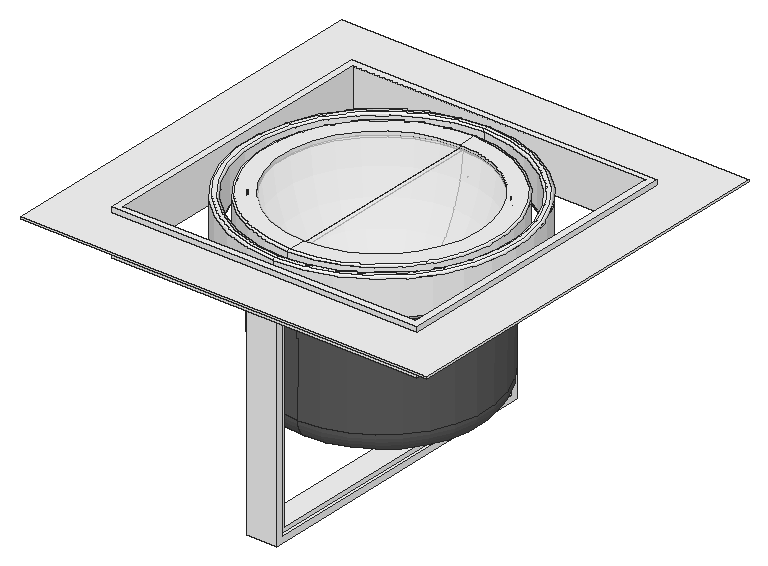
Revit family "Zaniboni-Diva-5_Inch_Aperture_40°-1", category Lighting Fixtures, host Face, Revit 2016
Family settings
  Host = Face
  Part Type = Normal
  Round Connector Dimension = Use Diameter
  Cut with Voids When Loaded = No
  Light Source = No
  Shared = No
  Room Calculation Point = No
Parameters (values of type "D4-D5TSN-0927A-2C-WS")
  Width = 5.91"
  Wattage Comments = "14W"
  Voltage = 120 V
  URL = "www.zanibonilighting.com"
  Type Comments = "Diva"  # constant formula
  Support Finish = ZBN - Metal Matte White
  Screen Finish = ZBN - Glass
  ST = RT  # no
  SD = RD  # no
  RT = no
  RD = no
  Model = "D4-D5TSN-0927A-2C-WS"
  Mechanism Finish = ZBN - Plastic-Black
  Manufacturer = "Zaniboni"  # constant formula
  Length = 6"
  Keynote = "12500"
  Kelvin = "3000°K"
  Frame Finish = ZBN - Metal Matte White
  Diffuser Finish = ZBN - Metal Matte White
  Description = "5 inch 1 Light Sources Adjustable 40°"
  Default Elevation = 1"
  CRI = "80"
  Body Finish = ZBN - Metal Matte White
  Beam = "36°"
  Base Finish = ZBN - Metal Matte White
  Assembly Code = "E1020300"
Types (3): name | ST | SD | RT | RD | Model | Length | Description
  (no name) | no | no | no | no | "D4-D5TSN-0927A-2C-WS" | 6" | "5 inch 1 Light Sources Adjustable 40°"
  D4-D5TSN-0927A-2C-WS | no | no | no | no | "D4-D5TSN-0927A-2C-WS" | 6" | "5 inch 1 Light Sources Adjustable 40°"
  D4-D5TTN2727A-2C-WS | yes | yes | yes | yes | "D4-D5TTN2727A-2C-WS" | 17.72" | "5 inch 3 Light Sources Adjustable 40°"
Reference planes (in)
  plane 1 "Center (Front/Back)": y = 0
  plane 2: z = 0
  plane 3 "Center (Left/Right)": x = 0
  plane 4: x = 6
  plane 5: y = -5.91
  plane 6: x = 3
  plane 7: y = -2.955
Forms (in)
  Extrusion 1, void
    sketch origin (3.54686, -2.04724, 0) x (1, 0, 0) y (0, 1, 0)
      loop
        line (-3.54686, 2.04724) -> (-3.54686, -3.86276) -> (2.45314, -3.86276) -> (2.45314, 2.04724) -> (-3.54686, 2.04724)
    from -4.84095 to 0.5
  Extrusion 2, solid, material "ZBN - Metal Matte White" <- "Body Finish"
    sketch origin (2.99382, -1.49606, 0) x (1, 0, 0) y (0, 1, 0)
      loop
        line (-2.99382, 1.49606) -> (-2.99382, -4.41394) -> (3.00618, -4.41394) -> (3.00618, 1.49606) -> (-2.99382, 1.49606)
      loop
        line (2.88118, -4.28894) -> (2.88118, 1.37106) -> (-2.86882, 1.37106) -> (-2.86882, -4.28894) -> (2.88118, -4.28894)
    from -0.90001 to 0
  Extrusion 3, solid, material "ZBN - Metal Matte White" <- "Support Finish"
    sketch origin (0, 0, -0.86332) x (1, 0, 0) y (0, 1, 0)
      loop
        line (0, 0) -> (0, -5.91) -> (6, -5.91) -> (6, 0) -> (0, 0)
      loop
        line (-1, 1) -> (-1, -6.91) -> (7, -6.91) -> (7, 1) -> (-1, 1)
    from 0.74071 to 0.77271
Lines and regions (in)
  symbolic lines
    curve 1: line (0, 0, 0) -> (0, -5.91, 0)
    curve 2: line (6, 0, 0) -> (0, 0, 0)
    curve 3: line (6, -5.91, 0) -> (6, 0, 0)
    curve 4: line (0, -5.91, 0) -> (6, -5.91, 0)
    curve 5: line (0.125, -5.785, 0) -> (0.125, -0.125, 0)
    curve 6: line (0.125, -0.125, 0) -> (5.875, -0.125, 0)
    curve 7: line (5.875, -0.125, 0) -> (5.875, -5.785, 0)
    curve 8: line (5.875, -5.785, 0) -> (0.125, -5.785, 0)
  symbolic lines, style "LightingFixturesHiddenLines", detail levels fine
    curve 9: line (-1, 1, 0) -> (7, 1, 0)
    curve 10: line (-1, -6.91, 0) -> (-1, 1, 0)
    curve 11: line (7, -6.91, 0) -> (-1, -6.91, 0)
    curve 12: line (7, 1, 0) -> (7, -6.91, 0)
Dimensions and locks (in)
  locked: plane 3 "Center (Left/Right)" to Extrusion 2 sketch curve at 0.125
  locked: Extrusion 2 sketch curve to plane 4 at 0.125
  locked: Extrusion 2 sketch curve to plane 5 at 0.125
  locked: Extrusion 2 sketch curve to plane 1 "Center (Front/Back)" at 0.125
  "Length": plane 3 "Center (Left/Right)" to plane 4
  "Width": plane 5 to plane 1 "Center (Front/Back)"
  equal spacing: plane 3 "Center (Left/Right)", plane 6, plane 4
  equal spacing: plane 5, plane 7, plane 1 "Center (Front/Back)"
  locked: plane 1 "Center (Front/Back)" to Extrusion 3 sketch curve at 1
  locked: plane 5 to Extrusion 3 sketch curve at 1
  locked: Extrusion 3 sketch curve to plane 3 "Center (Left/Right)" at 1
  locked: plane 4 to Extrusion 3 sketch curve at 1
  aligned and locked: plane 2 to host face
  aligned and locked: level to host face
  aligned and locked: plane 3 "Center (Left/Right)" to Extrusion 2 sketch curve
  aligned and locked: plane 1 "Center (Front/Back)" to Extrusion 2 sketch curve
  aligned and locked: plane 4 to Extrusion 2 sketch curve
  aligned and locked: plane 5 to Extrusion 2 sketch curve
  aligned and locked: plane 3 "Center (Left/Right)" to Extrusion 1 sketch curve
  aligned and locked: Extrusion 1 sketch curve to plane 4
  aligned and locked: plane 1 "Center (Front/Back)" to Extrusion 1 sketch curve
  aligned and locked: plane 5 to Extrusion 1 sketch curve
  aligned and locked: plane 3 "Center (Left/Right)" to Extrusion 3 sketch curve
  aligned and locked: plane 1 "Center (Front/Back)" to Extrusion 3 sketch curve
  aligned and locked: plane 4 to Extrusion 3 sketch curve
  aligned and locked: plane 5 to Extrusion 3 sketch curve
  aligned and locked: curve 9 to Extrusion 3
  aligned and locked: curve 10 to Extrusion 3
  aligned and locked: curve 11 to Extrusion 3
  aligned and locked: curve 12 to Extrusion 3
  aligned and locked: plane 2 to nested 1
Automatic sketch dimensions
  host sketch curve to host sketch curve = 14.00264"
  host sketch curve to host sketch curve = 12.04577"
  plane 1 "Center (Front/Back)" to curve 2 = 0"
  curve 2 to plane 3 "Center (Left/Right)" = 0"
  curve 2 to plane 4 = 0"
  curve 3 to plane 5 = 0"
  plane 3 "Center (Left/Right)" to curve 5 = 1/8"
  plane 4 to curve 7 = 1/8"
  plane 5 to curve 5 = 1/8"
  plane 1 "Center (Front/Back)" to curve 6 = 1/8"
Nested families (in)
  nested 1: "Diva 5T" at (2.95, -2.955, -20.94919), Diffuser Finish <- "Diffuser Finish", Frame Finish <- "Frame Finish", Mechanism Finish <- "Mechanism Finish", Screen Finish <- "Screen Finish", Support Finish <- "Support Finish", Base Finish <- "Base Finish", type "Diva 5"
    with Voltage 0 V, Support Finish ZBN - Metal Matte White, Support yes, Screen Finish ZBN - Glass, Mechanism Finish ZBN - Plastic-Black, Light yes, Frame Finish ZBN - Metal Matte White, Diffuser Finish ZBN - Metal Matte White, Base Finish ZBN - Metal Matte White
  nested 2: "Diva 5T" at (8.85, -2.955, -20.94919) x (-1, 0, 0) z (0, 0, 1), Support <- "SD", Light <- "RD", Diffuser Finish <- "Diffuser Finish", Frame Finish <- "Frame Finish", Mechanism Finish <- "Mechanism Finish", Screen Finish <- "Screen Finish", Support Finish <- "Support Finish", type "Diva 5"
    with Voltage 0 V, Support Finish ZBN - Metal Matte White, Support no, Screen Finish ZBN - Glass, Mechanism Finish ZBN - Plastic-Black, Light no, Frame Finish ZBN - Metal Matte White, Diffuser Finish ZBN - Metal Matte White, Base Finish none
  nested 3: "Diva 5T" at (14.77, -2.955, -20.94919) x (-1, 0, 0) z (0, 0, 1), Support <- "ST", Light <- "RT", Diffuser Finish <- "Diffuser Finish", Frame Finish <- "Frame Finish", Mechanism Finish <- "Mechanism Finish", Screen Finish <- "Screen Finish", Support Finish <- "Support Finish", type "Diva 5"
    with Voltage 0 V, Support Finish ZBN - Metal Matte White, Support no, Screen Finish ZBN - Glass, Mechanism Finish ZBN - Plastic-Black, Light no, Frame Finish ZBN - Metal Matte White, Diffuser Finish ZBN - Metal Matte White, Base Finish none
  nested 4: "Diva 5T" at (2.95, -8.72, -20.94919), Diffuser Finish <- "Diffuser Finish", Frame Finish <- "Frame Finish", Mechanism Finish <- "Mechanism Finish", Screen Finish <- "Screen Finish", Support Finish <- "Support Finish", type "Diva 5"
    with Support Finish ZBN - Metal Matte White, Support no, Screen Finish ZBN - Glass, Mechanism Finish ZBN - Plastic-Black, Light no, Frame Finish ZBN - Metal Matte White, Diffuser Finish ZBN - Metal Matte White
  nested 5: "Diva 5T" at (8.85, -8.72, -20.94919) x (-1, 0, 0) z (0, 0, 1), Diffuser Finish <- "Diffuser Finish", Frame Finish <- "Frame Finish", Mechanism Finish <- "Mechanism Finish", Screen Finish <- "Screen Finish", Support Finish <- "Support Finish", type "Diva 5"
    with Support Finish ZBN - Metal Matte White, Support no, Screen Finish ZBN - Glass, Mechanism Finish ZBN - Plastic-Black, Light no, Frame Finish ZBN - Metal Matte White, Diffuser Finish ZBN - Metal Matte White
Definition of nested family "Diva 5T"
  Parameters (values of type "Diva 5T")
    Wattage = 9.2903 W
    built-in parameter 1150110 = 1 (stored number, unit not read)
    Voltage [instance] = 0 V
    built-in parameter 1114217 = 1 (stored number, unit not read)
    Tilt Angle = 90.00°
    built-in parameter 1150109 = 1 (stored number, unit not read)
    built-in parameter 1150134 = 3
    built-in parameter 1150113 = 1 (stored number, unit not read)
    Support Finish [instance] = none
    Support [instance] = yes
    Screen Finish [instance] = none
    Photometric Web File = "generic"
    built-in parameter 1150142 = (empty or 0)
    Mechanism Finish [instance] = none
    built-in parameter 1150105 = 109.82 (stored number, unit not read)
    Lumens = 1380 lm
    built-in parameter 1150115 = 1 (stored number, unit not read)
    built-in parameter 1150137 = (empty or 0)
    built-in parameter 1150139 = (empty or 0)
    Light [instance] = yes
    built-in parameter 1150112 = 1 (stored number, unit not read)
    built-in parameter 1150114 = 1 (stored number, unit not read)
    built-in parameter 1150132 = (empty or 0)
    built-in parameter 1150102 = (empty or 0)
    built-in parameter 1150107 = 3200 (stored number, unit not read)
    built-in parameter 1150138 = (empty or 0)
    built-in parameter 1150106 = 1.0982 (stored number, unit not read)
    Frame Finish [instance] = none
    Emit from Circle Diameter = 3"
    Emit Shape Visible in Rendering = no
    built-in parameter 1150104 = 13.8 (stored number, unit not read)
    Dimming Lamp Color Temperature Shift = (empty or 0)
    Diffuser Finish [instance] = none
    Color Filter = 16777215
    Base Finish [instance] = none
    built-in parameter 1114218 = 1 (stored number, unit not read)
    built-in parameter 1150133 = 10 (stored number, unit not read)
  Reference planes (in)
    plane 1 "Center (Front/Back)": y = 0
    plane 2: z = 0
    plane 3 "Center (Left/Right)": x = 0
    plane 4: z = 20.94919
  Forms (in)
    Revolve 1, solid, material <- "Support Finish", visible <- "Light"
      sketch origin (0, 0, 0) x (0, 1, 0) y (0, 0, 1)
        loop
          arc (2.65799, 20.91) -> (2.64655, 20.93762) -> (2.61892, 20.94906) r 0.03906
          line (2.61892, 20.94906) -> (2.53933, 20.94906)
          arc (2.53933, 20.94906) -> (2.51171, 20.93762) -> (2.50027, 20.91) r 0.03906
          line (2.50027, 20.91) -> (2.50027, 20.22416)
          arc (2.50027, 20.22416) -> (2.51171, 20.19653) -> (2.53933, 20.18509) r 0.03906
          line (2.53933, 20.18509) -> (2.6185, 20.18509)
          arc (2.6185, 20.18509) -> (2.64642, 20.19666) -> (2.65799, 20.22458) r 0.03949
          line (2.65799, 20.22458) -> (2.65799, 20.91)
        axis (0, 20.94906) -> (0, 20.18509)
      angle from 0 to 360
    Revolve 2, solid, material <- "Mechanism Finish", visible <- "Light"
      sketch origin (0, 0, 0) x (0, 1, 0) y (0, 0, 1)
        loop
          line (0, 17.40212) -> (0, 18.4848) -> (-2.02555, 18.4848) -> (-2.02555, 20.75522) -> (-2.10193, 20.75522) -> (-2.07135, 17.83504)
          arc (-2.07135, 17.83504) -> (-1.94161, 17.52865) -> (-1.63387, 17.40212) r 0.4375
          line (-1.63387, 17.40212) -> (0, 17.40212)
        axis (0, 20.75522) -> (0, 17.40212)
      angle from 0 to 360
    Revolve 3, solid, material <- "Frame Finish", visible <- "Light"
      sketch origin (0, 0, 0) x (0, 1, 0) y (0, 0, 1)
        loop
          arc (2.30355, 20.91719) -> (2.29418, 20.93982) -> (2.27155, 20.94919) r 0.032
          line (2.27155, 20.94919) -> (1.92843, 20.94919) -> (1.92843, 20.8862) -> (2.08786, 20.8862) -> (2.08786, 20.32546)
          arc (2.08786, 20.32546) -> (2.0957, 20.30653) -> (2.11464, 20.29868) r 0.02678
          line (2.11464, 20.29868) -> (2.16119, 20.29868) -> (2.16119, 20.19238) -> (2.30355, 20.19238) -> (2.30355, 20.91719)
        axis (0, 20.94919) -> (0, 20.19238)
      angle from 0 to 360
    Revolve 4, solid, material <- "Screen Finish", visible <- "Light"
      sketch origin (0, 0, -0.0433) x (0, 1, 0) y (0, 0, 1)
        loop
          line (0, 20.9295) -> (-2.0567, 20.9295) -> (-2.0567, 20.8547) -> (0, 20.8547) -> (0, 20.9295)
        axis (0, 20.9295) -> (0, 20.8547)
      angle from 0 to 360
    Extrusion 5, solid, material <- "Mechanism Finish", visible <- "Light"
      sketch origin (0, 0, 9.41205) x (1, 0, 0) y (0, 1, 0)
        loop
          circle (0, 0) r 0.5
      from 7.9277 to 7.9902
    Extrusion 6, solid, material <- "Support Finish", visible <- "Support"
      sketch origin (0, 4.11719, 0) x (1, 0, 0) y (0, 0, 1)
        loop
          line (-0.23622, 16.22635) -> (0.23622, 16.22635) -> (0.23622, 20.55046)
          arc (0.23622, 20.55046) -> (0, 20.78668) -> (-0.23622, 20.55046) r 0.23622
          line (-0.23622, 20.55046) -> (-0.23622, 16.22635)
      from 1.33176 to 1.4105
    Extrusion 7, solid, material <- "Support Finish", visible <- "Support"
      sketch origin (0, -0.07403, -1.64486) x (1, 0, 0) y (0, 0, 1)
        loop
          line (-0.23622, 17.87121) -> (0.23622, 17.87121) -> (0.23622, 17.94995) -> (-0.23622, 17.94995) -> (-0.23622, 17.87121)
      from -2.78072 to 2.63267
    Revolve 8, solid, material <- "Diffuser Finish", visible <- "Light"
      sketch origin (0, 0, 0) x (0, 1, 0) y (0, 0, 1)
        loop
          line (0, 18.72938) -> (-0.90533, 18.72938)
          arc (-0.90533, 18.72938) -> (-1.66991, 19.65423) -> (-1.98755, 20.8114) r 2.85866
          arc (-1.98755, 20.8114) -> (-1.7642, 19.64475) -> (-1.04666, 18.69813) r 2.6082
          line (-1.04666, 18.69813) -> (0, 18.69813) -> (0, 18.72938)
        axis (0, 20.8114) -> (0, 18.69813)
      angle from 0 to 360
    Extrusion 9, solid, material <- "Support Finish", visible <- "Light"
      sketch origin (-1.01395, 0, 0.15056) x (0, 1, 0) y (0, 0, 1)
        loop
          circle (0, 20.41702) r 0.17715
      from -1.49694 to -1.282
    Extrusion 10, solid, material <- "Support Finish", visible <- "Light"
      sketch origin (0, 0, 0) x (1, 0, 0) y (0, 0, -1)
        loop
          circle (0, -20.56596) r 0.15907
      from 2.62795 to 2.70669
    Extrusion 11, solid, material <- "Support Finish", visible <- "Support"
      sketch origin (0, -4.11719, 0) x (1, 0, 0) y (0, 0, -1)
        loop
          arc (-0.23622, -20.55046) -> (0, -20.78668) -> (0.23622, -20.55046) r 0.23622
          line (0.23622, -20.55046) -> (0.23622, -16.22635) -> (-0.23622, -16.22635) -> (-0.23622, -20.55046)
      from 1.33176 to 1.4105
    Extrusion 12, solid, material <- "Support Finish", visible <- "Light"
      sketch origin (0, 0, 0) x (1, 0, 0) y (0, 0, 1)
        loop
          circle (0, 20.56596) r 0.15907
      from 2.62795 to 2.70669
    Extrusion 13, solid, material <- "Support Finish", visible <- "Light"
      sketch origin (1.01395, 0, 0.15056) x (0, 1, 0) y (0, 0, -1)
        loop
          circle (0, -20.41702) r 0.17715
      from -1.49694 to -1.282
    Extrusion 14, solid, material <- "Base Finish", visible <- "Support"
      sketch origin (0, 0, 0) x (0, 1, 0) y (0, 0, 1)
        loop
          line (2.95276, 20.04918) -> (2.83465, 20.04918) -> (2.83465, 16.22635) -> (-2.83465, 16.22635) -> (-2.83465, 20.04918) -> (-2.95276, 20.04918) -> (-2.95276, 16.10824) -> (2.95276, 16.10824) -> (2.95276, 20.04918)
      from -0.29528 to 0.29528
  Cuts and joins
    joined: Extrusion 6, Extrusion 7, Extrusion 11
  Lines and regions (in)
    symbolic lines, visible <- "Light", detail levels fine
      curve 1: circle (0, 0, 0) r 1.92843 normal (0, 0, 1)
      curve 2: circle (0, 0, 0) r 2.30355 normal (0, 0, 1)
      curve 3: circle (0, 0, 0) r 2.5 normal (0, 0, 1)
      curve 4: circle (0, 0, 0) r 2.65886 normal (0, 0, 1)
  Dimensions and locks (in)
    aligned and locked: plane 2 to level
  Connectors (in)
    electrical at (0, 0, 17.33976), driven by "Voltage"
      settings: on Extrusion 5, index 1, voltage 0 V, apparent load 0 VA, apparent load phase1 0 VA, apparent load phase2 0 VA, apparent load phase3 0 VA, power factor 1, load classification none, number of poles 1, system type 31, power factor state 1, is connector primary yes, connector utility no, sub classification motor no, connector description ""
